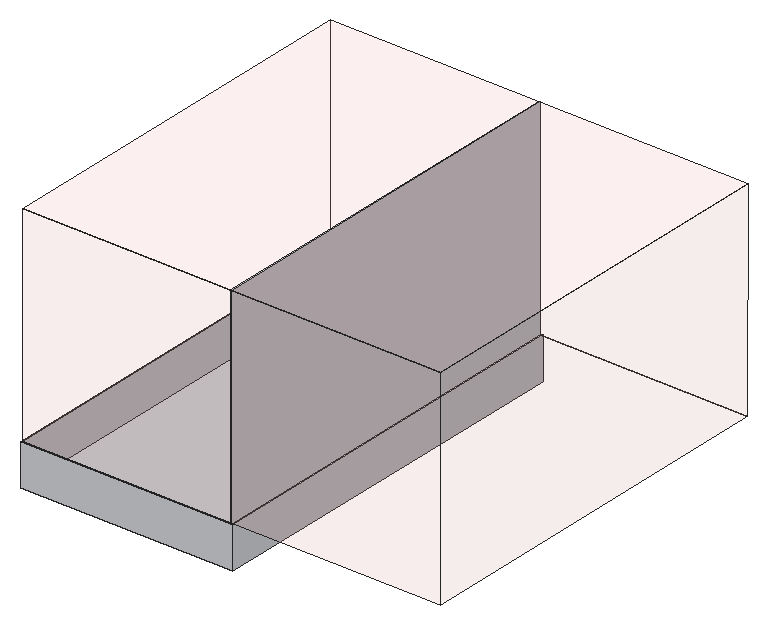
Revit family "Hager-Type B SP&N Distribution Boards-Surface_mounted-IP2XC-With_Cover-Without_DIN-Hosted-IE-en", category Electrical Equipment, host Face, Revit 2023
Family settings
  Host = Face
  Panel Configuration = Two Columns, Circuits Across
  Round Connector Dimension = Use Diameter
  Part Type = Panelboard
  Cut with Voids When Loaded = No
  Maintain Annotation Orientation = Yes
  Shared = No
  Room Calculation Point = No
Parameters (values of type "Type B SP&N Distribution Boards-Surface_mounted_W465_H850_D91_0_Modular_Spacing-JK112BSH")
  Width Control [instance] = if([HG000006-Flush mounted], if([EF000846 - Built-in width] > min_whd, [EF000846 - Built-in width], min_whd), if([EF000008 - Width] > min_whd, ([EF000008 - Width]), min_whd))  # 465 mm
  Void Depth [instance] = if([HG000006-Flush mounted], Depth Control, 1 mm)  # 1 mm
  Uniformat code = "D501001"
  Uniformat = "Low Tension Service & Dist."
  HG000131 - Functional label [instance] = ""
  HG000130 - Functional name [instance] = ""
  HG000099-Onfly Template ID = "507532"
  Type Comments = ""
  System Height [instance] = Height Control - 2 * [HG000005-Thickness]  # 446 mm
  Reference description = ""
  Reference = "Type B SP&N Distribution Boards-Surface_mounted_W465_H850_D91_0_Modular_Spacing-JK112BSH"
  Object type = ""
  Name hager = "ADD_Enclosures_EC000214"
  Name BIM&CO = "Electricity"
  Name = "Type B SP&N Distribution Boards-Surface_mounted-IP2XC-With_Cover-Without_DIN-IE"
  Model = ""
  HGEF002950-Width in number of modular spacings = 0
  HGEF000266-Number of rows = 0
  HG000060-RAL-number = "7035"
  HG000059-Operating voltage [instance] = 230 V
  HG000017-Distance between poles = 18 mm
  HG000016-Door 3D visibility = yes
  HG000015-Clearance visibility = yes
  HG000014-Door on the right = yes
  HG000013-Door on the left = not([HG000014-Door on the right])  # no
  HG000012-Door swing angle = 90.00°
  HG000011-Empty rows from bottom = no
  HG000010-Asymmetric doors = no
  HG000009-Double swing door = no
  HG000008-Number of empty rows = 0
  HG000007-Number of empty columns = 0
  HG000006-Flush mounted = no
  HG000005-Thickness = 2 mm
  HG000004-Manufacturer reference = "JK112BSH"
  HG000003-Range = "Type B SP&N Distribution Boards"
  HG000002-With door or cover = yes
  HG000001-Number of columns = 0
  GTIN (Global Trade Item Number) = ""
  ETIM class name = "Small distribution board"
  ETIM class code = "EC000214"
  EF015941 - Signal passing door = no
  EF015777 - Neutral terminal block = yes
  EF015776 - Earthing terminal block = yes
  EF009212 - Cover model = ""
  EF006306 - With lock = no
  EF006244 - Transparent cover/door = no
  EF005474 - Degree of protection (IP) = "IP2XC"
  EF004464 - Type of door = ""
  EF004462 - Type of closure = ""
  EF002950 - Width in number of modular spacings = 0
  EF001596 - Housing material = ""
  EF001134 - DIN-rail = no
  EF001131 - Inner depth = 0 mm
  EF001088 - Extension possible = no
  EF001062 - EMC-version = no
  EF000846 - Built-in width = 0 mm
  EF000339 - Type of covering = ""
  EF000332 - Built-in height = 0 mm
  EF000266 - Number of rows = 0
  EF000218 - Built-in depth = 0 mm
  EF000118 - With mounting plate = no
  EF000116 - RAL-number = 7035
  EF000049 - Depth = 91 mm
  EF000040 - Height = 850 mm
  EF000024 - UV resistant = no
  EF000008 - Width = 465 mm
  EF000007 - Colour = ""
  EF000003 - Mounting method = "Surface mounted"
  Creation Date = "12/17/2025 20:14:13"
  Code hager = "ADD-EC000214_EU"
  BIM&CO code = ""
  BC_VARIANT_ID = "1178599"
  BC_OBJECT_VERSION = "#1"  # constant formula
  BC_OBJECT_ID = "513823"  # constant formula
  BC_MODEL_ID = "1554205"  # constant formula
  Arrow Offset [instance] = Depth Control / 8  # 18.75 mm
  Arrow Height [instance] = Depth Control - Arrow Offset  # 131.25 mm
  Host Offset [instance] = if([HG000006-Flush mounted], 0 mm, [EF000049 - Depth])  # 91 mm
  min_whd [instance] = (2 * [HG000005-Thickness]) + 1 mm  # 5 mm
  Manufacturer = "Hager"  # constant formula
  Height Control [instance] = if([HG000006-Flush mounted], if([EF000332 - Built-in height] > min_whd, [EF000332 - Built-in height], min_whd), if([EF000040 - Height] > min_whd, ([EF000040 - Height]), min_whd))  # 850 mm
  Flush Mounted - Door Frame Width [instance] = if(([EF000040 - Height] - [EF000332 - Built-in height]) > 0 mm, if([HG000006-Flush mounted], [EF000040 - Height] - [EF000332 - Built-in height], 0 mm), 0 mm)  # 0 mm
  Depth Control [instance] = if([HG000006-Flush mounted], if([EF000218 - Built-in depth] > 0 mm, [EF000218 - Built-in depth], 1 mm), if([EF000049 - Depth] > 0 mm, ([EF000049 - Depth]), 1 mm))  # 91 mm
  Default Elevation = 0 mm
Types (3, lengths in mm): name | Reference | HG000004-Manufacturer reference | EF015777 - Neutral terminal block | EF000040 - Height | BC_VARIANT_ID | Height Control
  Type B SP&N Distribution Boards-Surface_mounted_W465_H550_D91_0_Modular_Spacing-JK106BSH | "Type B SP&N Distribution Boards-Surface_mounted_W465_H550_D91_0_Modular_Spacing-JK106BSH" | "JK106BSH" | no | 550 | "1178594" | 550
  Type B SP&N Distribution Boards-Surface_mounted_W465_H625_D91_0_Modular_Spacing-JK108BSH | "Type B SP&N Distribution Boards-Surface_mounted_W465_H625_D91_0_Modular_Spacing-JK108BSH" | "JK108BSH" | yes | 625 | "1178596" | 625
  Type B SP&N Distribution Boards-Surface_mounted_W465_H850_D91_0_Modular_Spacing-JK112BSH | "Type B SP&N Distribution Boards-Surface_mounted_W465_H850_D91_0_Modular_Spacing-JK112BSH" | "JK112BSH" | yes | 850 | "1178599" | 850
Reference planes
  plane 1 "Center (Front/Back)": y = 0
  plane 2: z = 0
  plane 3 "Center (Left/Right)": x = 0
  plane 4: z = 91
  plane 5: y = 2
  plane 6: z = 86
  plane 7: y = 425
  plane 8: y = 0
  plane 9: y = 850
  plane 10: z = 0
  plane 11: x = -232.5
  plane 12: x = 232.5
  plane 13: x = 230.5
  plane 14: x = -230.5
  plane 15: y = 848
  plane 16: z = 2
  plane 17: z = 89
  plane 18: z = -1
  plane 19: z = 89
  plane 20 "Annotation H": y = -100
  plane 21 "Annotation V": x = 532.5
Forms (mm)
  Extrusion 1, solid
    sketch origin (-583.045, 0, 1219.2) x (-1, 0, 0) y (0, 0, 1)
      loop
        line (-350.545, -1128.2) -> (-815.545, -1128.2) -> (-815.545, -1219.2) -> (-350.545, -1219.2) -> (-350.545, -1128.2)
    from 0 to 850 <- "Height Control"
  Extrusion 2, void
    sketch origin (-381.607, -4572, 91) x (0, -1, 0) y (-1, 0, 0)
      loop
        line (-5420, -151.107) -> (-5420, -612.107) -> (-4574, -612.107) -> (-4574, -151.107) -> (-5420, -151.107)
    from 0 to 89
  Extrusion 3, void
    sketch origin (0, 0, 0) x (1, 0, 0) y (0, 1, 0)
      loop
        line (-232.5, 0) -> (232.5, 0) -> (232.5, 850) -> (-232.5, 850) -> (-232.5, 0)
    from -1 to 1
  Extrusion 4, solid, detail levels coarse+medium
    sketch origin (-381.607, -4572, 91) x (-1, 0, 0) y (0, -1, 0)
      loop
        line (-151.107, -5420) -> (-151.107, -4574) -> (-612.107, -4574) -> (-612.107, -5420) -> (-151.107, -5420)
    from 0 to -2
Cuts and joins
  Extrusion 2 cuts Extrusion 1
Dimensions and locks
  plane 4 to plane 6 = 5 mm
  "Host Offset": plane 4 to host face
  "Flush Mounted - Door Frame Width": plane 1 "Center (Front/Back)" to plane 8
  "HG000005-Thickness": plane 5 to plane 8
  locked: connector elem to plane 3 "Center (Left/Right)"
  "Height Control": plane 9 to plane 8
  equal spacing: plane 9, plane 7, plane 8
  locked: connector elem to plane 7
  "Depth Control": plane 4 to plane 10
  "HG000005-Thickness": plane 11 to plane 14
  "HG000005-Thickness": plane 12 to plane 13
  equal spacing: plane 11, plane 3 "Center (Left/Right)", plane 12
  "Width Control": plane 11 to plane 12
  "Arrow Offset": nested 4 to plane 10
  "HG000005-Thickness": plane 9 to plane 15
  "HG000005-Thickness": plane 16 to plane 10
  "HG000005-Thickness": plane 4 to plane 17
  "Void Depth": plane 2 to plane 18
  "HG000005-Thickness": plane 4 to plane 19
  locked: plane 20 "Annotation H" to plane 1 "Center (Front/Back)" at 100
  locked: plane 12 to plane 21 "Annotation V" at 300
  aligned and locked: plane 2 to host face
  aligned and locked: level to host face
  aligned and locked: plane 3 "Center (Left/Right)" to nested 2
  aligned and locked: plane 4 to nested 2
  aligned and locked: nested 2 to plane 8
  aligned and locked: nested 1 to plane 6
  aligned and locked: nested 1 to plane 5
  aligned and locked: nested 4 to plane 11
  aligned and locked: nested 3 to plane 4
  aligned and locked: Extrusion 1 sketch curve to plane 12
  aligned and locked: Extrusion 1 sketch curve to plane 11
  aligned and locked: nested 3 to plane 10
  aligned and locked: plane 10 to Extrusion 1 sketch curve
  aligned and locked: Extrusion 2 sketch curve to plane 5
  aligned and locked: Extrusion 2 sketch curve to plane 15
  aligned and locked: Extrusion 2 sketch curve to plane 14
  aligned and locked: Extrusion 2 sketch curve to plane 13
  aligned and locked: plane 11 to Extrusion 3 sketch curve
  aligned and locked: plane 9 to Extrusion 3 sketch curve
  aligned and locked: Extrusion 3 sketch curve to plane 8
  aligned and locked: plane 12 to Extrusion 3 sketch curve
  aligned and locked: nested 3 to plane 12
  aligned and locked: Extrusion 3 to plane 18
  aligned and locked: Extrusion 2 to plane 16
  aligned and locked: Extrusion 1 sketch curve to plane 4
  aligned and locked: Extrusion 4 to plane 17
  aligned and locked: Extrusion 4 sketch curve to plane 15
  aligned and locked: Extrusion 4 sketch curve to plane 13
  aligned and locked: Extrusion 4 sketch curve to plane 14
  aligned and locked: Extrusion 4 sketch curve to plane 5
  aligned and locked: nested 5 to plane 21 "Annotation V"
  aligned and locked: plane 20 "Annotation H" to nested 5
Automatic sketch dimensions
  host sketch curve to host sketch curve = 1469.727 mm
  host sketch curve to host sketch curve = 1434.803 mm
Nested families
  nested 1: "Hager_Enclosure_System" at (0, 2, 86) x (1, 0, 0) z (0, 1, 0), Depth <- "HG000005-Thickness", Height <- "System Height", Border <- "HG000005-Thickness", Flush_Mounted <- "HG000006-Flush mounted", Row_Module_Multiplicator <- "HGEF002950-Width in number of modular spacings", Total_No_Empty_Rows <- "HG000008-Number of empty rows", Total_No_Rows <- "HGEF000266-Number of rows", Empty_Columns <- "HG000007-Number of empty columns", Width_Control <- "Width Control", Empty_Rows_From_Bottom <- "HG000011-Empty rows from bottom", Distance_Between_Poles <- "HG000017-Distance between poles", Rows_Count <- "HGEF000266-Number of rows", Columns_Count <- "HG000001-Number of columns", Built-in_Width <- "EF000846 - Built-in width", Width <- "EF000008 - Width", type "Hager_Enclosure_System", detail levels fine
    with Width_Control 465 mm, Width 465 mm, Total_No_Rows 0, Total_No_Empty_Rows 0, Total_No_Columns 1, System_Width 461 mm, Rows_Count 0, Rows_Column 0, Row_Module_Multiplicator 0, Panel_4 no, Panel_3 no, Panel_2 no, Panel_1 no, No_Panels_Ctrl 1, Hide_Columns yes, Height 446 mm, Flush_Mounted no, Empty_Rows_From_Bottom no, Empty_Rows_Column 0, Empty_Columns 0, Empty column 4 0, Empty column 3 0, Empty column 2 0, Empty column 1 0, Distance_Between_Poles 18 mm, Depth 2 mm, Columns_Count 0, Column_Width 461 mm, Built-in_Width 0 mm, Border 2 mm
  nested 2: "Hager_Enclosure_Door" at (0, 0, 91) x (1, 0, 0) z (0, 1, 0), Border <- "HG000005-Thickness", Door_Right <- "HG000014-Door on the right", Flush_Mounted <- "HG000006-Flush mounted", Door_Left <- "HG000013-Door on the left", 3d_Door <- "HG000016-Door 3D visibility", Angle <- "HG000012-Door swing angle", Assymetrical <- "HG000010-Asymmetric doors", Double <- "HG000009-Double swing door", Clearance <- "HG000015-Clearance visibility", Door <- "HG000002-With door or cover", Height_Ctrl <- "Height Control", Width_Ctrl <- "Width Control", BuiltIn_Depth <- "EF000218 - Built-in depth", Depth <- "EF000049 - Depth", BuiltIn_Width <- "EF000846 - Built-in width", Height <- "EF000040 - Height", BuiltIn_Height <- "EF000332 - Built-in height", Width <- "EF000008 - Width", Transparent <- "EF006244 - Transparent cover/door", type "Hager_Enclosure_Door", detail levels medium+fine
    with min_wh 5 mm, Width_Ctrl 465 mm, Width 465 mm, Transparent_Door_No_Bottom_Border no, Transparent no, Leaf_Width 458 mm, Leaf_Tolerance 1.5 mm, Leaf_Height 843 mm, Leaf_2_Width 458 mm, Leaf_2_Offset 229 mm, Leaf_1_Width 458 mm, Leaf_1_Offset 229 mm, Height_Ctrl 850 mm, Height 850 mm, Frame_Width_Ctrl 465 mm, Frame_Width 465 mm, Frame_Internal_Offset 0 mm, Frame_Height_Ctrl 850 mm, Frame_Height 850 mm, Frame_Depth_Ctrl 1 mm, Frame_Depth 0 mm, Flush_Mounted no, Double_Clearance_Ctrl no, Double no, Door_Right_Ctrl yes, Door_Right yes, Door_Left_Ctrl no, Door_Left no, Door yes, Depth 91 mm, Clearance_Depth 458 mm, Clearance_Ctrl yes, Clearance yes, BuiltIn_Width 0 mm, BuiltIn_Height 0 mm, BuiltIn_Depth 0 mm, Border 2 mm, Assymetrical no, Angle 90.00°, 3d_Door yes
  nested 3: "Hager_Enclosure_Symbol_Triangle" at (-232.5, 0, 0) x (1, 0, 0) z (0, -1, 0), Depth <- "Depth Control", Width <- "Width Control", type "Hager_Enclosure_Symbol_Triangle"
    with Width_Ctrl 465 mm, Width 465 mm, Depth_Ctrl 91 mm, Depth 91 mm
  nested 4: "Hager_Enclosure_Symbol_Arrow" at (-232.5, 0, 18.75) x (1, 0, 0) z (0, -1, 0), Height <- "Arrow Height", type "Hager_Enclosure_Symbol_Arrow"
    with Width_Inside 9.844 mm, Width 118.125 mm, Height_Ctrl 131.25 mm, Height 131.25 mm
  nested 5: "Hager_Annotation-HG000130" at (532.5, -100, 0) x (-1, 0, 0) z (0, 0, 1), HG000130 - Functional name <- "HG000130 - Functional name", type "Hager_Annotation-HG000130"
    with HG000130 - Functional name ""
Connectors
  electrical at (0, 425, 0)
    settings: on plane 10, index 1, voltage 0 V, apparent load 0 VA, apparent load phase1 0 VA, apparent load phase2 0 VA, apparent load phase3 0 VA, power factor 1, load classification "Other", number of poles 1, system type 30, power factor state 1, is connector primary yes, connector utility no, sub classification motor no, connector description ""
Definition of nested family "Hager_Enclosure_Door"
  Parameters (values of type "Hager_Enclosure_Door")
    min_wh [instance] = (2 * Border) + 1 mm  # 11 mm
    Width_Ctrl [instance] = 400 mm
    Width [instance] = 500 mm
    Transparent_Door_No_Bottom_Border [instance] = no
    Transparent [instance] = yes
    Leaf_Width [instance] = if((Width_Ctrl - 2 * Border - 2 * Leaf_Tolerance) > 0 mm, (Width_Ctrl - 2 * Border - 2 * Leaf_Tolerance), min_wh)  # 387 mm
    Leaf_Tolerance [instance] = 1.5 mm  # constant formula
    Leaf_Height [instance] = if((Height_Ctrl - 2 * Border - 2 * Leaf_Tolerance) > 0 mm, (Height_Ctrl - 2 * Border - 2 * Leaf_Tolerance), min_wh)  # 387 mm
    Leaf_2_Width [instance] = if(and(and(Double, Assymetrical), Door_Left), (Leaf_Width / 3) - (Leaf_Tolerance / 2), if(and(and(Double, Assymetrical), Door_Right), (Leaf_Width / 3) * 2 - (Leaf_Tolerance / 2), if(and(Double, not(Assymetrical)), (Leaf_Width / 2) - Leaf_Tolerance, Leaf_Width)))  # 387 mm
    Leaf_2_Offset [instance] = if(and(Double, Assymetrical), Leaf_2_Width / 2, if(and(Double, not(Assymetrical)), Leaf_Width / 4, Leaf_Width / 2))  # 193.5 mm
    Leaf_1_Width [instance] = if(and(and(Double, Assymetrical), Door_Right), (Leaf_Width / 3) - (Leaf_Tolerance / 2), if(and(and(Double, Assymetrical), Door_Left), (Width / 3) * 2 - (Leaf_Tolerance / 2), if(and(Double, not(Assymetrical)), (Leaf_Width / 2) - Leaf_Tolerance, Leaf_Width)))  # 387 mm
    Leaf_1_Offset [instance] = if(and(Double, Assymetrical), Leaf_1_Width / 2, if(and(Double, not(Assymetrical)), Leaf_Width / 4, Leaf_Width / 2))  # 193.5 mm
    Height_Ctrl [instance] = 400 mm
    Height [instance] = 500 mm
    Frame_Width_Ctrl [instance] = if(Frame_Width > 0 mm, Frame_Width, 1 mm)  # 1 mm
    Frame_Width [instance] = Width - BuiltIn_Width  # 0 mm
    Frame_Internal_Offset [instance] = if(Flush_Mounted, Border, 0 mm)  # 5 mm
    Frame_Height_Ctrl [instance] = if(Frame_Height > 0 mm, Frame_Height, 1 mm)  # 1 mm
    Frame_Height [instance] = Height - BuiltIn_Height  # 0 mm
    Frame_Depth_Ctrl [instance] = if(Frame_Depth > 0 mm, Frame_Depth, 1 mm)  # 1 mm
    Frame_Depth [instance] = if(Depth - BuiltIn_Depth > 0 mm, if(Flush_Mounted, Depth - BuiltIn_Depth, 0 mm), 0 mm)  # 0 mm
    Flush_Mounted [instance] = yes
    Double_Clearance_Ctrl [instance] = and(Double, Clearance)  # no
    Double [instance] = no
    Door_Right_Ctrl [instance] = and(or(Door_Right, Double), Door)  # yes
    Door_Right [instance] = yes
    Door_Left_Ctrl [instance] = and(or(Door_Left, Double), Door)  # no
    Door_Left [instance] = no
    Door [instance] = yes
    Depth [instance] = 500 mm
    Default Elevation = 1219.2 mm
    Clearance_Material = none
    Clearance_Depth [instance] = if(Leaf_1_Width > Leaf_2_Width, Leaf_1_Width, Leaf_2_Width)  # 387 mm
    Clearance_Ctrl [instance] = and(not(Double), Clearance)  # yes
    Clearance [instance] = yes
    BuiltIn_Width [instance] = 500 mm
    BuiltIn_Height [instance] = 500 mm
    BuiltIn_Depth [instance] = 500 mm
    Border [instance] = 5 mm
    Assymetrical [instance] = yes
    Angle [instance] = 30.00°
    3d_Door [instance] = yes
  Reference planes
    plane 1 "Center (Front/Back)": y = 0
    plane 2 "Bottom": z = 0
    plane 3 "Center (Left/Right)": x = 0
    plane 4: z = 400
    plane 5: x = -200
    plane 6: x = 200
    plane 7: z = 395
    plane 8: x = -195
    plane 9: z = 5
    plane 10: x = 195
    plane 11: y = 0
    plane 12: z = 6.5
    plane 13: x = -582
    plane 14: y = -387
    plane 15: x = 582
    plane 16: x = 0
    plane 17: x = 0
    plane 18: x = -193.5
    plane 19: x = 193.5
    plane 20: z = 393.5
  Forms (mm)
    Extrusion 1, solid, visible <- "Flush_Mounted"
      sketch origin (0, 0, 0) x (1, 0, 0) y (0, 0, 1)
        loop
          line (195, 5) -> (195, 395) -> (-195, 395) -> (-195, 5) -> (195, 5)
        loop
          line (-201, 401) -> (-201, -1) -> (201, -1) -> (201, 401) -> (-201, 401)
      from 0 to 1 <- "Frame_Depth_Ctrl"
    Extrusion 2, solid, material <- "Clearance_Material", visible <- "Double_Clearance_Ctrl"
      sketch origin (1200, 0, 0) x (1, 0, 0) y (0, 0, -1)
        loop
          line (-1782, -393.5) -> (-618, -393.5) -> (-618, 0) -> (-1782, 0) -> (-1782, -393.5)
      from 0 to -387
  Dimensions and locks
    equal spacing: plane 5, plane 3 "Center (Left/Right)", plane 6
    "Width_Ctrl": plane 5 to plane 6
    "Border": plane 5 to plane 8
    "Border": plane 6 to plane 10
    "Border": plane 9 to level
    "Border": plane 4 to plane 7
    "Height_Ctrl": plane 4 to level
    "Leaf_Tolerance": plane 12 to plane 9
    "Frame_Depth": plane 11 to plane 1 "Center (Front/Back)"
    "Frame_Width_Ctrl": plane 5 to Extrusion 1 sketch curve
    "Frame_Width_Ctrl": plane 6 to Extrusion 1 sketch curve
    "Frame_Width_Ctrl": Extrusion 1 sketch curve to plane 4
    "Frame_Width_Ctrl": plane 2 "Bottom" to Extrusion 1 sketch curve
    "Leaf_1_Offset": plane 18 to plane 16
    "Leaf_2_Offset": plane 17 to plane 19
    "Leaf_1_Width": plane 13 to plane 8
    "Leaf_2_Width": plane 10 to plane 15
    "Clearance_Depth": plane 14 to plane 1 "Center (Front/Back)"
    "Leaf_Tolerance": plane 8 to plane 18
    "Leaf_Tolerance": plane 19 to plane 10
    "Leaf_Tolerance": plane 7 to plane 20
    "Frame_Internal_Offset": plane 5 to Extrusion 1 sketch curve
    "Frame_Internal_Offset": Extrusion 1 sketch curve to plane 2 "Bottom"
    "Frame_Internal_Offset": plane 6 to Extrusion 1 sketch curve
    "Frame_Internal_Offset": plane 4 to Extrusion 1 sketch curve
    aligned and locked: level to plane 2 "Bottom"
    aligned and locked: nested 1 to plane 16
    aligned and locked: nested 2 to plane 17
    aligned and locked: Extrusion 2 to plane 13
    aligned and locked: plane 15 to Extrusion 2
    aligned and locked: Extrusion 2 to plane 14
    aligned and locked: plane 12 to nested 1
    aligned and locked: nested 2 to plane 12
    aligned and locked: Extrusion 2 to plane 11
    aligned and locked: plane 20 to Extrusion 2
    aligned and locked: nested 2 to plane 11
    aligned and locked: nested 1 to plane 11
  Automatic sketch dimensions
    Extrusion 2 sketch curve to level = 0 mm
    plane 5 to Extrusion 2 sketch curve = 382 mm
    plane 6 to Extrusion 2 sketch curve = 382 mm
    Extrusion 2 sketch curve to plane 4 = 6.5 mm
  Nested families
    nested 1: "Hager_Enclosure_Door_Leaf" at (0, 0, 6.5), Width <- "Leaf_1_Width", visible <- "Door_Left_Ctrl", Leaf_Height <- "Leaf_Height", Angle <- "Angle", Depth <- "Border", 3d_Door <- "3d_Door", Transparent <- "Transparent", Clearance Material <- "Clearance_Material", Clearance <- "Clearance_Ctrl", Transparent_Door_No_Bottom_Border <- "Transparent_Door_No_Bottom_Border", type "Hager_Enclosure_Door_Leaf"
      with Width 387 mm, Transparent_Door_No_Bottom_Border no, Transparent_Door_Border_Bottom_Top 25 mm, Transparent_Door_Border 25 mm, Transparent_Ctrl yes, Transparent yes, Standard no, Leaf_Height 387 mm, Glass_Offset 1 mm, Depth 5 mm, Clearance Material none, Clearance yes, Angle_Ctrl 30.00°, Angle 30.00°, 3d_Door yes
    nested 2: "Hager_Enclosure_Door_Leaf" at (0, 0, 6.5) x (-1, 0, 0) z (0, 0, 1), Width <- "Leaf_2_Width", visible <- "Door_Right_Ctrl", Leaf_Height <- "Leaf_Height", Angle <- "Angle", Depth <- "Border", 3d_Door <- "3d_Door", Transparent <- "Transparent", Clearance Material <- "Clearance_Material", Clearance <- "Clearance_Ctrl", Transparent_Door_No_Bottom_Border <- "Transparent_Door_No_Bottom_Border", type "Hager_Enclosure_Door_Leaf"
      with Width 387 mm, Transparent_Door_No_Bottom_Border no, Transparent_Door_Border_Bottom_Top 25 mm, Transparent_Door_Border 25 mm, Transparent_Ctrl yes, Transparent yes, Standard no, Leaf_Height 387 mm, Glass_Offset 1 mm, Depth 5 mm, Clearance Material none, Clearance yes, Angle_Ctrl 30.00°, Angle 30.00°, 3d_Door yes
  Definition of nested family "Hager_Enclosure_Door_Leaf"
    Parameters (values of type "Hager_Enclosure_Door_Leaf")
      Width [instance] = 2000 mm
      Transparent_Door_No_Bottom_Border [instance] = yes
      Transparent_Door_Border_Bottom_Top [instance] = if(Transparent_Door_No_Bottom_Border, 0.1 mm, Transparent_Door_Border)  # 0.1 mm
      Transparent_Door_Border [instance] = if(Transparent_Door_No_Bottom_Border, (Width * 0.12), 25 mm)  # 240 mm
      Transparent_Ctrl [instance] = and(Transparent, [3d_Door])  # yes
      Transparent [instance] = yes
      Standard [instance] = and(not(Transparent), [3d_Door])  # no
      Leaf_Height [instance] = 2720.336 mm
      Glass_Offset [instance] = if((Depth - 10 mm) / 2 > 0 mm, (Depth - 10 mm) / 2, 1 mm)  # 15 mm
      Glass_Material = none
      Depth [instance] = 40 mm
      Default Elevation = 0 mm
      Clearance Material [instance] = none
      Clearance [instance] = yes
      Angle_Ctrl [instance] = if(Angle > 170.00°, 170.00°, Angle)  # 45.00°
      Angle [instance] = 45.00°
      3d_Door [instance] = yes
    Reference planes
      plane 1 "Center (Front/Back)": y = 0
      plane 2: z = 0
      plane 3 "Center (Left/Right)": x = 0
      plane 4: y = 2000
      plane 5: x = -1000
      plane 6: x = 1000
      plane 7: x = -3000
      plane 8: z = 2720.336
      plane 9: z = 0.1
      plane 10: z = 2720.236
      plane 11: x = 760
      plane 12: x = -760
    Forms (mm)
      Extrusion 1, solid, material <- "Clearance Material", visible <- "Clearance"
        sketch origin (0, 0, 0) x (1, 0, 0) y (0, 0, 1)
          loop
            line (-3000, 2720.336) -> (-3000, 0) -> (1000, 0) -> (1000, 2720.336) -> (-3000, 2720.336)
        from 0 to -2000
      Extrusion 2, solid, visible <- "Standard", detail levels medium+fine
        sketch origin (-1000, 0, 0) x (0.707107, 0.707107, 0) y (-0.707107, 0.707107, 0)
          loop
            line (0, -40) -> (2000, -40) -> (2000, 0) -> (0, 0) -> (0, -40)
        from 0 to 2720.336 <- "Leaf_Height"
      Extrusion 3, solid, visible <- "Transparent_Ctrl", detail levels medium+fine
        sketch origin (-1000, 0, 0) x (0.707107, 0.707107, 0) y (-0.707107, 0.707107, 0)
          loop
            line (0, -40) -> (2000, -40) -> (2000, 0) -> (0, 0) -> (0, -40)
        from 0 to 2720.336 <- "Leaf_Height"
      Extrusion 4, void, detail levels medium+fine
        sketch origin (-1000, 0, 0) x (-0.707107, 0.707107, 0) y (0.707107, 0.707107, 0)
          loop
            line (0, 240) -> (0, 1760) -> (-40, 1760) -> (-40, 240) -> (0, 240)
        from -2720.236 to -0.1
      Extrusion 5, solid, material <- "Glass_Material", visible <- "Transparent_Ctrl", detail levels medium+fine
        sketch origin (-1000, 0, 0) x (0.707107, 0.707107, 0) y (-0.707107, 0.707107, 0)
          loop
            line (240, -15) -> (240, -25) -> (1760, -25) -> (1760, -15) -> (240, -15)
        from 0.1 to 2720.236
    Cuts and joins
      Extrusion 4 cuts Extrusion 3
    Lines and regions (mm)
      symbolic lines
        curve 1: line (1000, 0, 0) -> (-3000, 0, 0)
        curve 2: arc (1000, 0, 0) -> (-1000, 2000, 0) -> (-3000, 0, 0) r 2000
        curve 4: line (-1000, 0, 0) -> (414.214, 1414.214, 0)
      reference lines
        curve 3: line (-1000, 0, 0) -> (414.214, 1414.214, 0)
      symbolic lines, detail levels medium+fine
        curve 5: line (414.214, 1414.214, 0) -> (442.498, 1385.929, 0)
        curve 6: line (442.498, 1385.929, 0) -> (-971.716, -28.284, 0)
        curve 7: line (-971.716, -28.284, 0) -> (-1000, 0, 0)
        curve 8: line (-1000, 0, 2720.336) -> (1000, 0, 2720.336)
        curve 9: line (-1000, 0, 0) -> (-1000, 0, 2720.336)
        curve 10: line (1000, 0, 0) -> (-1000, 0, 0)
        curve 11: line (1000, 0, 2720.336) -> (1000, 0, 0)
      symbolic lines, visible <- "Transparent_Ctrl", detail levels medium+fine
        curve 12: line (-760, 0, 2720.236) -> (760, 0, 2720.236)
        curve 13: line (-760, 0, 0.1) -> (-760, 0, 2720.236)
        curve 14: line (760, 0, 0.1) -> (-760, 0, 0.1)
        curve 15: line (760, 0, 2720.236) -> (760, 0, 0.1)
    Dimensions and locks
      "Width": plane 1 "Center (Front/Back)" to plane 4
      equal spacing: plane 5, plane 3 "Center (Left/Right)", plane 6
      "Width": plane 5 to plane 6
      "Width": plane 7 to plane 5
      "Leaf_Height": plane 8 to level
      "Depth": curve 6 to curve 3
      "Width": curve 5 to curve 3
      "Width": curve 3 to curve 3
      "Transparent_Door_Border": Extrusion 4 sketch curve to curve 7
      "Transparent_Door_Border": Extrusion 4 sketch curve to curve 5
      "Transparent_Door_Border_Bottom_Top": plane 8 to plane 10
      "Transparent_Door_Border_Bottom_Top": plane 9 to level
      "Glass_Offset": Extrusion 5 sketch curve to curve 4
      "Glass_Offset": Extrusion 5 sketch curve to curve 6
      "Transparent_Door_Border": Extrusion 5 sketch curve to curve 5
      "Transparent_Door_Border": Extrusion 5 sketch curve to curve 7
      "Transparent_Door_Border": plane 12 to plane 5
      "Transparent_Door_Border": plane 6 to plane 11
      "Angle_Ctrl": angle plane 1 "Center (Front/Back)" to curve 3
      aligned and locked: level to plane 2
      aligned and locked: Extrusion 1 to curve 1
      aligned and locked: plane 6 to Extrusion 1
      aligned and locked: Extrusion 1 to plane 1 "Center (Front/Back)"
      aligned and locked: plane 4 to Extrusion 1
      aligned and locked: plane 8 to Extrusion 1
      aligned and locked: curve 4 to curve 3
      aligned and locked: Extrusion 2 sketch curve to curve 7
      aligned and locked: Extrusion 2 sketch curve to curve 6
      aligned and locked: Extrusion 2 sketch curve to curve 5
      aligned and locked: Extrusion 2 sketch curve to curve 3
      aligned and locked: curve 7 to Extrusion 3 sketch curve
      aligned and locked: Extrusion 3 sketch curve to curve 4
      aligned and locked: Extrusion 3 sketch curve to curve 6
      aligned and locked: Extrusion 3 sketch curve to curve 5
      aligned and locked: curve 4 to Extrusion 4 sketch curve
      aligned and locked: curve 6 to Extrusion 4 sketch curve
      aligned and locked: Extrusion 4 to plane 9
      aligned and locked: Extrusion 4 to plane 10
      aligned and locked: Extrusion 5 to plane 9
      aligned and locked: Extrusion 5 to plane 10
      aligned and locked: curve 8 to plane 8
      aligned and locked: plane 5 to curve 9
      aligned and locked: plane 2 to curve 10
      aligned and locked: curve 11 to plane 6
      aligned and locked: plane 10 to curve 12
      aligned and locked: plane 12 to curve 13
      aligned and locked: curve 14 to plane 9
      aligned and locked: plane 11 to curve 15
    Automatic sketch dimensions
      plane 1 "Center (Front/Back)" to curve 2 = 0 mm
      curve 2 to plane 5 = 0 mm
      Extrusion 1 sketch curve to level = 0 mm
      Extrusion 1 sketch curve to plane 7 = 0 mm
      Extrusion 1 sketch curve to plane 6 = 0 mm
      Extrusion 1 sketch curve to plane 8 = 0 mm
      plane 1 "Center (Front/Back)" to curve 3 = 0 mm
      curve 3 to plane 5 = 0 mm
      curve 7 to curve 3 = 0 mm
Definition of nested family "Hager_Enclosure_Symbol_Triangle"
  Parameters (values of type "Hager_Enclosure_Symbol_Triangle")
    Width_Ctrl [instance] = if(Width > 1 mm, Width, 1 mm)  # 498 mm
    Width [instance] = 498 mm
    Depth_Ctrl [instance] = if(Depth > 1 mm, Depth, 1 mm)  # 72 mm
    Depth [instance] = 72 mm
  Reference planes
    plane 1 "Centre (avant/arrière)": y = 0
    plane 2: z = 0
    plane 3 "Centre (gauche/droite)": x = 0
  Lines and regions (mm)
    Filled region 1, type "Solid_Black", in view "Niveau de réf."
      outline origin (0, 0, 0) x (1, 0, 0) y (0, 1, 0)
        loop
          line (0, 0) -> (498, 0) -> (498, 72) -> (0, 0)
    reference lines, in view "Niveau de réf."
      curve 1: line (-206.153, 72, 0) -> (1083.258, 72, 0)
      curve 2: line (498, 405.456, 0) -> (498, -517.619, 0)
  Dimensions and locks
    "Depth_Ctrl": plane 1 "Centre (avant/arrière)" to curve 1
    "Width_Ctrl": plane 3 "Centre (gauche/droite)" to curve 2
    aligned and locked: curve 1 to Filled region 1 sketch curve
    aligned and locked: Filled region 1 sketch curve to plane 1 "Centre (avant/arrière)"
    aligned and locked: curve 2 to Filled region 1 sketch curve
    aligned and locked: plane 3 "Centre (gauche/droite)" to Filled region 1 sketch curve
    aligned and locked: plane 1 "Centre (avant/arrière)" to Filled region 1 sketch curve
  Automatic sketch dimensions
    curve 1 to plane 3 "Centre (gauche/droite)" = 206.153 mm
    curve 2 to curve 1 = 585.258 mm
    plane 1 "Centre (avant/arrière)" to curve 2 = 517.619 mm
    curve 2 to plane 1 "Centre (avant/arrière)" = 405.456 mm
Definition of nested family "Hager_Enclosure_Symbol_Arrow"
  Parameters (values of type "Hager_Enclosure_Symbol_Arrow")
    Width_Inside [instance] = if(Width / 12 > 2 mm, Width / 12, 2 mm)  # 4.987 mm
    Width [instance] = if(Height_Ctrl * 0.9 > 2 mm, Height_Ctrl * 0.9, 2 mm)  # 59.85 mm
    Height_Ctrl [instance] = if(Height > 2 mm, Height, 2 mm)  # 66.5 mm
    Height [instance] = 66.5 mm
  Reference planes
    plane 1 "Centre (avant/arrière)": y = 0
    plane 2: z = 0
    plane 3 "Centre (gauche/droite)": x = 0
    plane 4: x = 59.85
    plane 5: y = 28.263
    plane 6: y = 38.238
    plane 7: y = 66.5
    plane 8: x = 29.925
    plane 9: y = 33.25
  Lines and regions (mm)
    Filled region 1, type "Solid_Black", in view "Niveau de réf."
      outline origin (0, 0, 0) x (1, 0, 0) y (0, 1, 0)
        loop
          line (59.85, 66.5) -> (37.929, 52.827) -> (51.846, 41.935) -> (59.85, 66.5)
    detail lines, in view "Niveau de réf."
      curve 1: line (0, 0, 0) -> (29.925, 38.238, 0)
      curve 2: line (29.925, 38.238, 0) -> (29.925, 28.263, 0)
      curve 3: line (29.925, 28.263, 0) -> (59.85, 66.5, 0)
  Dimensions and locks
    "Width": plane 3 "Centre (gauche/droite)" to plane 4
    "Height_Ctrl": plane 7 to plane 1 "Centre (avant/arrière)"
    equal spacing: plane 3 "Centre (gauche/droite)", plane 8, plane 4
    equal spacing: plane 7, plane 9, plane 1 "Centre (avant/arrière)"
    equal spacing: plane 6, plane 9, plane 5
    "Width_Inside": plane 6 to plane 9
    equal spacing: curve 3, Filled region 1 sketch curve, Filled region 1 sketch curve
    angle Filled region 1 sketch curve to curve 3 = 20.00°
    angle curve 3 to Filled region 1 sketch curve = 20.00°
    locked: curve 3 to Filled region 1 sketch curve (angle 90.00°)
  Automatic sketch dimensions
    plane 1 "Centre (avant/arrière)" to curve 1 = 0 mm
    curve 1 to plane 3 "Centre (gauche/droite)" = 0 mm
    curve 2 to plane 6 = 0 mm
    curve 3 to plane 8 = 0 mm
    curve 3 to plane 4 = 0 mm
    curve 2 to plane 5 = 0 mm
    curve 3 to plane 7 = 0 mm
    Filled region 1 sketch curve to plane 4 = 0 mm
    Filled region 1 sketch curve to plane 7 = 0 mm
Definition of nested family "Hager_Annotation-HG000130"
  Parameters (values of type "Hager_Annotation-HG000130")
    HG000130 - Functional name [instance] = ""
  Reference planes
    plane 1: y = 0
    plane 2: x = 0
  Lines and regions (mm)
    detail lines
      curve 1: line (-27.5, 10, 0) -> (27.5, 10, 0)
      curve 2: line (-27.5, -10, 0) -> (-27.5, 10, 0)
      curve 3: line (27.5, -10, 0) -> (-27.5, -10, 0)
      curve 4: line (27.5, 10, 0) -> (27.5, -10, 0)
  Text (mm)
    label "HG000130 - Functional name" at (0.16, 0.026, 0), shows "HG000130 - Functional name"
